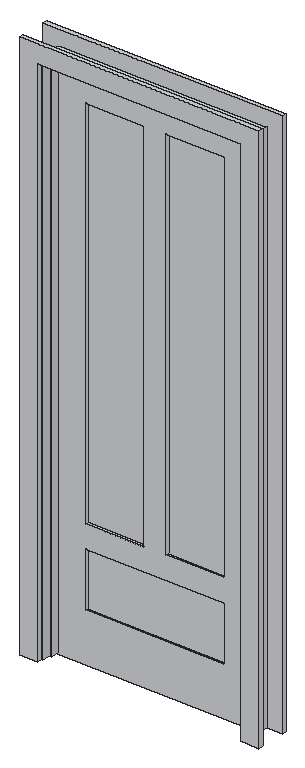
Revit family "FP_107_update-211019", category Doors, host Wall, Revit 2020
Family settings
  Host = Wall
  OmniClass Number = 23.30.10.00
  OmniClass Title = Doors
  Always vertical = Yes
  Cut with Voids When Loaded = No
  Shared = No
  Room Calculation Point = No
Parameters (values of type "3'-0" x 8'-0"")
  URL = "www.treelydoors.com"
  Thickness = Door Thickness  # 0' - 1 3/4"
  Stop Width = 0' - 1 3/8"  # constant formula
  Stile Material = none
  Rough Width = Width + (Jamb Thickness * 2)  # 3' - 1 1/2"
  Rough Height = Height + Jamb Thickness  # 8' - 0 3/4"
  Panel Material = none
  Manufacturer = "Treely Doors"
  Jamb Width (4 9/16", 4 13/16", 6 9/16", 6 13/16") = 0' - 4 9/16"  # constant formula
  Jamb Thickness = 0' - 0 3/4"  # constant formula
  Jamb Material = none
  Door Thickness = 0' - 1 3/4"  # constant formula
  Panel Thickness = 0' - 0 3/4"  # constant formula
  Function = Interior
  Height = 8' - 0"
  Wall Closure = By host
  Width = 3' - 0"
  Define Thermal Properties by = Schematic Type
  Center = Door Thickness / 2  # 0' - 0 7/8"
  Casing Thickness = 0' - 0 3/4"  # constant formula
  Casing Material = none
  Analytic Construction = "<None>"
Types (15): name | Stile Material | Rough Width | Rough Height | Panel Material | Jamb Material | Height | Width | Casing Material
  2'-0" x 8'-0" | none | 2' - 7 1/2" | 7' - 0 3/4" | none | none | 7' - 0" | 2' - 6" | none
  2'-4" x 8'-0" | none | 2' - 5 1/2" | 8' - 0 3/4" | none | none | 8' - 0" | 2' - 4" | none
  2'-6" x 8'-0" | none | 2' - 7 1/2" | 8' - 0 3/4" | none | none | 8' - 0" | 2' - 6" | none
  2'-8" x 8'-0" | none | 2' - 9 1/2" | 8' - 0 3/4" | none | none | 8' - 0" | 2' - 8" | none
  3'-0" x 6'-8" | none | 3' - 1 1/2" | 6' - 8 3/4" | none | none | 6' - 8" | 3' - 0" | none
  3'-0" x 7'-0" | none | 3' - 1 1/2" | 7' - 0 3/4" | none | none | 7' - 0" | 3' - 0" | none
  3'-0" x 8'-0" | none | 3' - 1 1/2" | 8' - 0 3/4" | none | none | 8' - 0" | 3' - 0" | none
  2'-8" x 7'-0" | none | 2' - 9 1/2" | 7' - 0 3/4" | none | none | 7' - 0" | 2' - 8" | none
  2'-8" x 6'-8" | none | 2' - 9 1/2" | 6' - 8 3/4" | none | none | 6' - 8" | 2' - 8" | none
  2'-6" x 7'-0" | none | 2' - 7 1/2" | 7' - 0 3/4" | none | none | 7' - 0" | 2' - 6" | none
  2'-6" x 6'-8" | none | 2' - 7 1/2" | 6' - 8 3/4" | none | none | 6' - 8" | 2' - 6" | none
  2'-4" x 7'-0" | none | 2' - 5 1/2" | 7' - 0 3/4" | none | none | 7' - 0" | 2' - 4" | none
  2'-4" x 6'-8" | TreelyDoors_Wood_Maple | 2' - 5 1/2" | 6' - 8 3/4" | Glass | TreelyDoors_Wood_Maple | 6' - 8" | 2' - 4" | TreelyDoors_Wood_Maple
  2'-0" x 7'-0" | none | 2' - 1 1/2" | 7' - 0 3/4" | none | none | 7' - 0" | 2' - 0" | none
  2'-0" x 6'-8" | none | 2' - 1 1/2" | 6' - 8 3/4" | none | none | 6' - 8" | 2' - 0" | none
Reference planes (in)
  plane 1 "Center (Front/Back)": y = 0
  plane 2 "Center (Left/Right)": x = 0
  plane 3 "Left": x = -18.75
  plane 4 "Right": x = 18.75
  plane 5 "Top": z = 96.75
  plane 6 "Exterior": y = 2.25
  plane 7 "Interior": y = -2.25
  plane 8: x = -12.5
  plane 9: x = 12.5
  plane 10: z = 8.75
  plane 11: z = 90.5
  plane 12: y = 1.78125
  plane 13: y = 1.03125
  plane 14: x = -18
  plane 15: x = 18
  plane 16: z = 96
  plane 17: y = 38.28125
  plane 18: x = -16.25
  plane 19: x = -17.125
  plane 20: y = 2.28125
  plane 21: y = -2.28125
  plane 22: y = 1.40625
  plane 23: y = 0.53125
  plane 24: y = 0.6875
  plane 25: y = -0.6875
  plane 26: z = 20.7
  plane 27: z = 6.75
  plane 28: z = 92.5
  plane 29: z = 22.7
  plane 30: z = 18.7
  plane 31: y = -3
  plane 32: y = 3
  plane 33: x = -2
  plane 34: x = 2
  plane 35: z = 96.25
  plane 36: x = -18.25
  plane 37: x = 18.25
Forms (in)
  Extrusion 1, solid, material <- "Panel Material"
    sketch origin (0, 0, 0) x (1, 0, 0) y (0, 0, 1)
      loop
        line (-2, 22.7) -> (-2, 90.5) -> (-12.5, 90.5) -> (-12.5, 22.7) -> (-2, 22.7)
    from -1.78125 to -1.03125
  Extrusion 2, solid, material <- "Panel Material"
    sketch origin (0, 0, 0) x (1, 0, 0) y (0, 0, 1)
      loop
        line (12.5, 18.7) -> (-12.5, 18.7) -> (-12.5, 8.75) -> (12.5, 8.75) -> (12.5, 18.7)
    from -1.78125 to -1.03125
  Extrusion 3, solid, material <- "Stile Material"
    sketch origin (0, 0, 0) x (1, 0, 0) y (0, 0, 1)
      loop
        line (18, 96) -> (-18, 96) -> (-18, 0) -> (18, 0) -> (18, 96)
      loop
        line (-12.5, 22.7) -> (-2, 22.7) -> (-2, 90.5) -> (-12.5, 90.5) -> (-12.5, 22.7)
      loop
        line (12.5, 18.7) -> (-12.5, 18.7) -> (-12.5, 8.75) -> (12.5, 8.75) -> (12.5, 18.7)
      loop
        line (2, 22.7) -> (12.5, 22.7) -> (12.5, 90.5) -> (2, 90.5) -> (2, 22.7)
    from -2.28125 to -0.53125
  Extrusion 4, solid, material <- "Jamb Material"
    sketch origin (0, 0, 0) x (1, 0, 0) y (0, 0, 1)
      loop
        line (18.75, 0) -> (18.75, 96.75) -> (-18.75, 96.75) -> (-18.75, 0) -> (-18, 0) -> (-18, 96) -> (18, 96) -> (18, 0) -> (18.75, 0)
    from -2.28125 to 2.28125
  Extrusion 5, solid, material <- "Jamb Material"
    sketch origin (0, 0, 0) x (1, 0, 0) y (0, 0, 1)
      loop
        line (-18, 0) -> (-17.5625, 0) -> (-17.5625, 95.5625) -> (17.5625, 95.5625) -> (17.5625, 0) -> (18, 0) -> (18, 96) -> (-18, 96) -> (-18, 0)
    from -0.6875 to 0.6875
  Extrusion 6, solid, material <- "Casing Material"
    sketch origin (0, 0, 0) x (1, 0, 0) y (0, 0, 1)
      loop
        line (-18.25, 0) -> (-18.25, 96.25) -> (18.25, 96.25) -> (18.25, 0) -> (21.5, 0) -> (21.5, 99.5) -> (-21.5, 99.5) -> (-21.5, 0) -> (-18.25, 0)
    from 2.25 to 3
  Extrusion 7, solid, material <- "Panel Material"
    sketch origin (0, 0, 0) x (-1, 0, 0) y (0, 0, -1)
      loop
        line (-2, -22.7) -> (-12.5, -22.7) -> (-12.5, -90.5) -> (-2, -90.5) -> (-2, -22.7)
    from -1.78125 to -1.03125
  Extrusion 8, solid, material <- "Casing Material"
    sketch origin (0, 0, 0) x (1, 0, 0) y (0, 0, -1)
      loop
        line (-18.25, 0) -> (-21.5, 0) -> (-21.5, -99.5) -> (21.5, -99.5) -> (21.5, 0) -> (18.25, 0) -> (18.25, -96.25) -> (-18.25, -96.25) -> (-18.25, 0)
    from 2.25 to 3
Lines and regions (in)
  Opening 1
    outline origin (-60, -2.25, 0) x (1, 0, 0) y (0, 0, 1)
      loop
        line (78.75, 0) -> (78.75, 96.75) -> (41.25, 96.75) -> (41.25, 0) -> (78.75, 0)
  symbolic lines, style "Elevation Swing"
    curve 1: line (18, 2.25, 0) -> (-18.75, 2.25, 48)
    curve 2: line (-18.75, 2.25, 48) -> (18, 2.25, 96)
  symbolic lines
    curve 3: line (-18, 2.28125, 0) -> (-18, 38.28125, 0)
    curve 5: line (-16.25, 38.28125, 0) -> (-18, 38.28125, 0)
    curve 7: line (-16.25, 2.28125, 0) -> (-18, 2.28125, 0)
  symbolic lines, style "Plan Swing"
    curve 4: line (-16.25, 2.28125, 0) -> (-16.25, 38.28125, 0)
    curve 6: arc (-17.125, 38.28125, 0) -> (8.37998, 26.83144, 0) -> (18, 0.58154, 0) r 36
Text (in)
  text "Exterior" at (-74.96733, -24.22648, 0), in view "Ref. Level"
  text "Interior" at (-74.96733, 29.51736, 0), in view "Ref. Level"
  text "Exterior" at (0, 40.15149, 123.01588), in view "Right"
  text "Interior" at (0, -64.39139, 123.01588), in view "Right"
  text "Interior" at (0, -31.01599, 123.00693), in view "Left"
  text "Exterior" at (0, 54.57065, 123.00693), in view "Left"
Dimensions and locks (in)
  equal spacing: plane 14, plane 2 "Center (Left/Right)", plane 15
  plane 3 "Left" to plane 4 "Right" = 3' - 1 1/2"  (x2)
  equal spacing: host wall, curve 2, curve 2
  "Panel Thickness": plane 13 to plane 12
  "Jamb Thickness": plane 3 "Left" to plane 14
  "Jamb Thickness": plane 15 to plane 4 "Right"
  locked: plane 9 to plane 15 at 5.5
  locked: plane 14 to plane 8 at 5.5
  "Width": plane 14 to plane 15
  "Jamb Thickness": plane 16 to plane 5 "Top"
  "Height": level to plane 16
  "Door Thickness": plane 14 to plane 18
  equal spacing: plane 14, plane 19, plane 18
  equal spacing: plane 20, plane 1 "Center (Front/Back)", plane 21
  "Jamb Width (4 9/16", 4 13/16", 6 9/16", 6 13/16")": plane 20 to plane 21
  equal spacing: plane 13, plane 22, plane 12
  "Center": plane 22 to plane 20
  "Door Thickness": plane 20 to plane 23
  "Width": plane 17 to plane 20
  locked: Extrusion 5 sketch curve to Extrusion 4 at 0.4375  (x2)
  locked: plane 16 to Extrusion 5 sketch curve at 0.4375
  equal spacing: plane 24, plane 1 "Center (Front/Back)", plane 25
  "Stop Width": plane 24 to plane 25
  plane 28 to plane 26 to plane 27 = 5' - 11.8", 1' - 1.95"
  locked: plane 10 to plane 27 at 2
  locked: plane 28 to plane 11 at 2
  plane 29 to plane 26 to plane 30 to plane 10 = 0' - 2" locked, 0' - 2" locked, 0' - 9.95" locked
  "Casing Thickness": plane 7 "Interior" to plane 31
  "Casing Thickness": plane 32 to plane 6 "Exterior"
  locked: Extrusion 6 sketch curve to plane 37 at 3.25
  locked: Extrusion 6 sketch curve to plane 36 at 3.25
  locked: plane 16 to plane 11 at 5.5
  plane 33 to plane 2 "Center (Left/Right)" to plane 34 = 0' - 2" locked, 0' - 2" locked
  locked: plane 10 to level at 8.75
  locked: plane 15 to plane 37 at 0.25
  locked: plane 14 to plane 36 at 0.25
  locked: plane 35 to plane 16 at 0.25
  locked: Extrusion 6 sketch curve to plane 35 at 3.25
  "Width": radius of curve 6
  aligned and locked: plane 3 "Left" to curve 1
  aligned and locked: plane 6 "Exterior" to host wall
  aligned and locked: plane 7 "Interior" to host wall
  aligned and locked: Extrusion 1 to plane 8
  aligned and locked: plane 11 to Extrusion 1
  aligned and locked: plane 9 to Extrusion 2
  aligned and locked: Extrusion 2 to plane 10
  aligned and locked: Extrusion 2 to plane 8
  aligned and locked: plane 13 to Extrusion 1
  aligned and locked: plane 13 to Extrusion 2
  aligned and locked: plane 12 to Extrusion 1
  aligned and locked: plane 12 to Extrusion 2
  aligned and locked: Extrusion 3 to plane 9
  aligned and locked: plane 8 to Extrusion 3
  aligned and locked: plane 10 to Extrusion 3
  aligned and locked: Extrusion 3 to level
  aligned and locked: Extrusion 3 to plane 14
  aligned and locked: Extrusion 3 to plane 15
  aligned and locked: plane 16 to Extrusion 3
  aligned and locked: plane 17 to curve 3
  aligned and locked: plane 14 to curve 3
  aligned and locked: curve 4 to plane 18
  aligned and locked: curve 5 to plane 17
  aligned and locked: plane 19 to curve 6
  aligned and locked: plane 20 to Extrusion 4
  aligned and locked: Extrusion 4 to plane 21
  aligned and locked: plane 20 to Extrusion 3
  aligned and locked: Extrusion 3 to plane 23
  aligned and locked: plane 20 to curve 7
  aligned and locked: level to Opening 1 sketch curve
  aligned and locked: plane 4 "Right" to Opening 1 sketch curve
  aligned and locked: plane 5 "Top" to Opening 1 sketch curve
  aligned and locked: Opening 1 sketch curve to plane 3 "Left"
  aligned and locked: Extrusion 5 sketch curve to plane 14
  aligned and locked: Extrusion 5 sketch curve to level
  aligned and locked: Extrusion 5 sketch curve to plane 15
  aligned and locked: plane 16 to Extrusion 5 sketch curve
  aligned and locked: Extrusion 5 to plane 24
  aligned and locked: Extrusion 5 to plane 25
  aligned and locked: Extrusion 3 sketch curve to plane 10
  aligned and locked: Extrusion 3 sketch curve to plane 8
  aligned and locked: plane 9 to Extrusion 3 sketch curve  (x2)
  aligned and locked: plane 8 to Extrusion 3 sketch curve
  aligned and locked: Extrusion 1 sketch curve to plane 11
  aligned and locked: plane 8 to Extrusion 1 sketch curve
  aligned and locked: Extrusion 2 sketch curve to plane 10
  aligned and locked: plane 9 to Extrusion 2 sketch curve
  aligned and locked: Extrusion 2 sketch curve to plane 8
  aligned and locked: level to Extrusion 6 sketch curve
  aligned and locked: Extrusion 6 sketch curve to Extrusion 6 sketch curve
  aligned and locked: Extrusion 6 to plane 7 "Interior"
  aligned and locked: Extrusion 6 to plane 31
  aligned and locked: Extrusion 3 sketch curve to plane 11
  aligned and locked: plane 33 to Extrusion 3 sketch curve
  aligned and locked: plane 11 to Extrusion 3 sketch curve
  aligned and locked: plane 34 to Extrusion 3 sketch curve
  aligned and locked: plane 33 to Extrusion 1 sketch curve
  aligned and locked: plane 34 to Extrusion 7 sketch curve
  aligned and locked: plane 9 to Extrusion 7 sketch curve
  aligned and locked: plane 11 to Extrusion 7 sketch curve
  aligned and locked: Extrusion 7 sketch curve to plane 29
  aligned and locked: Extrusion 7 to Extrusion 1  (x2)
  aligned and locked: plane 30 to Extrusion 3 sketch curve
  aligned and locked: plane 29 to Extrusion 3  (x2)
  aligned and locked: plane 30 to Extrusion 2 sketch curve
  aligned and locked: Extrusion 1 to plane 29
  aligned and locked: Extrusion 3 sketch curve to plane 29  (x2)
  aligned and locked: plane 35 to Extrusion 6 sketch curve
  aligned and locked: Extrusion 6 sketch curve to plane 36
  aligned and locked: Extrusion 6 sketch curve to plane 37
  aligned and locked: Extrusion 8 sketch curve to Extrusion 8 sketch curve
  aligned and locked: plane 6 "Exterior" to Extrusion 8
  aligned and locked: plane 32 to Extrusion 8
  aligned and locked: Extrusion 8 to Extrusion 6  (x2)
  aligned and locked: Extrusion 6 to Extrusion 8  (x2)
Automatic sketch dimensions
  plane 15 to curve 2 = 0' - 0"
  curve 2 to plane 16 = 0' - 0"
  curve 1 to level = 0' - 0"
  plane 15 to curve 1 = 0' - 0"
  Extrusion 1 sketch curve to plane 29 = 0' - 0"
  Extrusion 3 sketch curve to plane 14 = 0' - 0"
  Extrusion 3 sketch curve to level = 0' - 0"
  plane 15 to Extrusion 3 sketch curve = 0' - 0"
  Extrusion 3 sketch curve to plane 16 = 0' - 0"
  Extrusion 4 sketch curve to level = 0' - 0"  (x2)
  plane 3 "Left" to Extrusion 4 sketch curve = 0' - 0"
  Extrusion 4 sketch curve to plane 14 = 0' - 0"
  plane 15 to Extrusion 4 sketch curve = 0' - 0"
  plane 4 "Right" to Extrusion 4 sketch curve = 0' - 0"
  Extrusion 4 sketch curve to plane 16 = 0' - 0"
  Extrusion 4 sketch curve to plane 5 "Top" = 0' - 0"
  curve 6 to plane 15 = 0' - 0"
  curve 3 to curve 6 = 0' - 0.04061"
  Extrusion 5 sketch curve to level = 0' - 0"
  Extrusion 8 sketch curve to level = 0' - 0"
  Extrusion 8 sketch curve to plane 36 = 0' - 0"
  plane 37 to Extrusion 8 sketch curve = 0' - 0"
  Extrusion 8 sketch curve to plane 35 = 0' - 0"
  plane 3 "Left" to Extrusion 8 sketch curve = 0' - 2 3/4"
  Extrusion 8 sketch curve to plane 4 "Right" = 0' - 2 3/4"
  Extrusion 8 sketch curve to plane 5 "Top" = 0' - 2 3/4"
